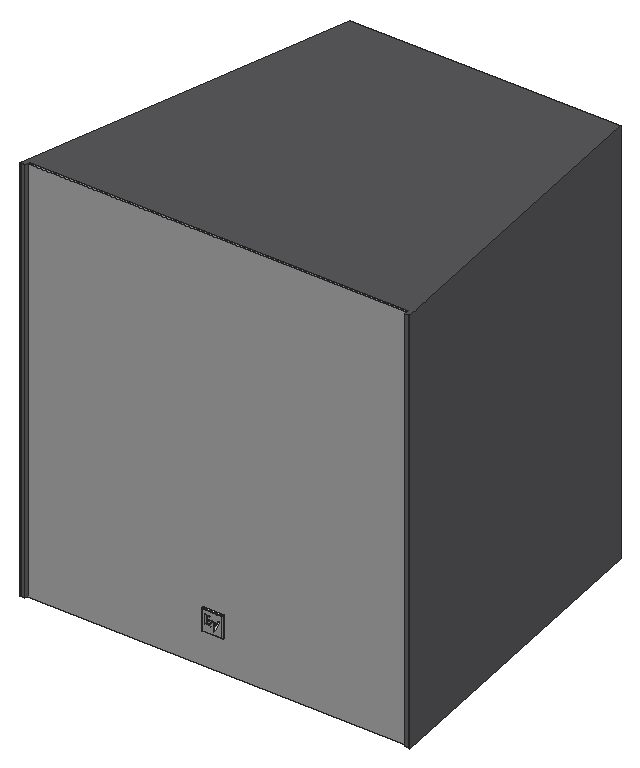
Revit family "EVH-1152S", category Communication Devices, Revit 2017 (continued)
Definition of nested family "InputPanel_H"
  Lines and regions (mm)
    model lines
      curve 877: line (-57.731, -4.337, 73.504) -> (-56.132, -4.337, 75.456)
      curve 878: line (-56.132, -4.337, 75.456) -> (-55.562, -4.337, 75.456)
      curve 879: line (-55.562, -4.337, 75.456) -> (-57.6, -4.337, 72.969)
      curve 880: line (-57.73, -4.337, 79.811) -> (-56.131, -4.337, 81.763)
      curve 881: line (-56.131, -4.337, 81.763) -> (-55.561, -4.337, 81.763)
      curve 882: line (-55.561, -4.337, 81.763) -> (-57.599, -4.337, 79.275)
      curve 883: line (-57.757, -4.337, 80.065) -> (-55.964, -4.337, 82.254)
      curve 884: line (-55.964, -4.337, 82.254) -> (-56.455, -4.337, 82.587)
      curve 885: line (-57.757, -4.337, 86.372) -> (-55.963, -4.337, 88.56)
      curve 886: line (-55.963, -4.337, 88.56) -> (-56.454, -4.337, 88.893)
      curve 887: line (-57.729, -4.337, 86.117) -> (-56.13, -4.337, 88.069)
      curve 888: line (-56.13, -4.337, 88.069) -> (-55.561, -4.337, 88.069)
      curve 889: line (-55.561, -4.337, 88.069) -> (-57.599, -4.337, 85.582)
      curve 890: line (-60.694, -4.337, 86.688) -> (-60.694, -4.337, 89.73)
      curve 891: line (-60.694, -4.337, 89.73) -> (-66.118, -4.337, 89.731)
      curve 892: line (-66.118, -4.337, 89.731) -> (-66.121, -4.337, 64.506)
      curve 893: line (-66.121, -4.337, 64.506) -> (-60.697, -4.337, 64.505)
      curve 894: line (-59.27, -4.337, 89.73) -> (-60.694, -4.337, 89.73)
      curve 895: line (-66.118, -4.337, 89.731) -> (-66.443, -4.337, 89.731)
      curve 896: line (-66.443, -4.337, 89.731) -> (-66.446, -4.337, 64.506)
      curve 897: line (-66.446, -4.337, 64.506) -> (-66.121, -4.337, 64.506)
      curve 898: line (-66.121, -4.337, 64.506) -> (-66.249, -4.337, 64.378)
      curve 899: line (-66.249, -4.337, 64.378) -> (-66.371, -4.337, 64.201)
      curve 900: line (-66.901, -4.337, 71.11) -> (-66.901, -4.337, 76.622)
      curve 901: line (-66.901, -4.337, 76.622) -> (-71.116, -4.337, 76.622)
      curve 902: line (-71.116, -4.337, 76.622) -> (-71.116, -4.337, 71.11)
      curve 903: line (-71.116, -4.337, 71.11) -> (-66.901, -4.337, 71.11)
      curve 904: line (-71.117, -4.337, 70.515) -> (-71.117, -4.337, 65.003)
      curve 905: line (-71.117, -4.337, 65.003) -> (-66.902, -4.337, 65.002)
      curve 906: line (-66.902, -4.337, 65.002) -> (-66.901, -4.337, 70.514)
      curve 907: line (-66.901, -4.337, 70.514) -> (-71.117, -4.337, 70.515)
      curve 908: line (-66.446, -4.337, 64.506) -> (-71.573, -4.337, 64.506)
      curve 909: line (-71.573, -4.337, 64.506) -> (-71.57, -4.337, 89.731)
      curve 910: line (-71.57, -4.337, 89.731) -> (-66.443, -4.337, 89.731)
      curve 911: line (-66.9, -4.337, 83.723) -> (-66.899, -4.337, 89.234)
      curve 912: line (-66.899, -4.337, 89.234) -> (-71.114, -4.337, 89.235)
      curve 913: line (-71.114, -4.337, 89.235) -> (-71.115, -4.337, 83.723)
      curve 914: line (-71.115, -4.337, 83.723) -> (-66.9, -4.337, 83.723)
      curve 915: line (-71.115, -4.337, 83.127) -> (-71.116, -4.337, 77.615)
      curve 916: line (-71.116, -4.337, 77.615) -> (-66.9, -4.337, 77.615)
      curve 917: line (-66.9, -4.337, 77.615) -> (-66.9, -4.337, 83.127)
      curve 918: line (-66.9, -4.337, 83.127) -> (-71.115, -4.337, 83.127)
      curve 919: line (-66.9, -4.337, 84.889) -> (-68.308, -4.337, 84.89)
      curve 920: line (-68.308, -4.337, 84.89) -> (-68.633, -4.337, 84.202)
      curve 921: line (-68.633, -4.337, 84.202) -> (-69.019, -4.337, 83.723)
      curve 922: line (-66.901, -4.337, 72.277) -> (-68.31, -4.337, 72.277)
      curve 923: line (-68.31, -4.337, 72.277) -> (-68.635, -4.337, 71.589)
      curve 924: line (-68.635, -4.337, 71.589) -> (-69.02, -4.337, 71.11)
      curve 925: line (-66.9, -4.337, 81.96) -> (-68.308, -4.337, 81.96)
      curve 926: line (-68.308, -4.337, 81.96) -> (-68.634, -4.337, 82.648)
      curve 927: line (-68.634, -4.337, 82.648) -> (-69.019, -4.337, 83.127)
      curve 928: line (-66.901, -4.337, 69.347) -> (-68.31, -4.337, 69.347)
      curve 929: line (-68.31, -4.337, 69.347) -> (-68.635, -4.337, 70.035)
      curve 930: line (-68.635, -4.337, 70.035) -> (-69.02, -4.337, 70.514)
      curve 931: line (-66.902, -4.337, 65.971) -> (-68.31, -4.337, 65.971)
      curve 932: line (-68.31, -4.337, 65.971) -> (-68.636, -4.337, 65.283)
      curve 933: line (-68.636, -4.337, 65.283) -> (-68.861, -4.337, 65.002)
      curve 934: line (-66.9, -4.337, 78.583) -> (-68.309, -4.337, 78.583)
      curve 935: line (-68.309, -4.337, 78.583) -> (-68.634, -4.337, 77.895)
      curve 936: line (-68.634, -4.337, 77.895) -> (-68.86, -4.337, 77.615)
      curve 937: line (-66.901, -4.337, 75.653) -> (-68.309, -4.337, 75.654)
      curve 938: line (-68.309, -4.337, 75.654) -> (-68.634, -4.337, 76.342)
      curve 939: line (-68.86, -4.337, 76.622) -> (-68.634, -4.337, 76.342)
      curve 940: line (-68.634, -4.337, 76.342) -> (-68.635, -4.337, 71.589)
      curve 941: line (-66.899, -4.337, 88.266) -> (-68.308, -4.337, 88.266)
      curve 942: line (-68.308, -4.337, 88.266) -> (-68.633, -4.337, 88.954)
      curve 943: line (-68.633, -4.337, 88.954) -> (-68.633, -4.337, 84.202)
      curve 944: line (-68.858, -4.337, 89.235) -> (-68.633, -4.337, 88.954)
      curve 945: line (-68.31, -4.337, 69.347) -> (-68.31, -4.337, 65.971)
      curve 946: line (-68.308, -4.337, 81.96) -> (-68.309, -4.337, 78.583)
      curve 947: line (-68.31, -4.337, 72.277) -> (-68.309, -4.337, 75.654)
      curve 948: line (-68.308, -4.337, 84.89) -> (-68.308, -4.337, 88.266)
      curve 949: line (-66.371, -4.337, 63.94) -> (-69.504, -4.337, 63.94)
      curve 950: line (-69.504, -4.337, 63.94) -> (-69.504, -4.337, 64.201)
      curve 951: line (-69.504, -4.337, 64.201) -> (-66.371, -4.337, 64.201)
      curve 952: line (-66.371, -4.337, 64.201) -> (-66.371, -4.337, 63.94)
      curve 953: line (-66.371, -4.337, 63.94) -> (-65.791, -4.337, 63.939)
      curve 954: line (-65.791, -4.337, 63.939) -> (-65.79, -4.337, 64.201)
      curve 955: line (-65.79, -4.337, 64.201) -> (-65.912, -4.337, 64.506)
      curve 956: line (-66.249, -4.337, 64.378) -> (-69.382, -4.337, 64.378)
      curve 957: line (-69.382, -4.337, 64.378) -> (-69.504, -4.337, 64.201)
      curve 958: line (-70.018, -4.337, 70.514) -> (-70.019, -4.337, 65.003)
      curve 959: line (-70.017, -4.337, 83.127) -> (-70.017, -4.337, 77.615)
      curve 960: line (-70.018, -4.337, 76.622) -> (-70.018, -4.337, 71.11)
      curve 961: line (-70.016, -4.337, 89.235) -> (-70.017, -4.337, 83.723)
      curve 962: line (-68.635, -4.337, 70.035) -> (-68.636, -4.337, 65.283)
      curve 963: line (-68.634, -4.337, 82.648) -> (-68.634, -4.337, 77.895)
      curve 964: line (-59.375, -4.337, 64.2) -> (-59.375, -4.337, 63.939)
      curve 965: line (-59.375, -4.337, 63.939) -> (-58.794, -4.337, 63.939)
      curve 966: line (-58.794, -4.337, 63.939) -> (-58.794, -4.337, 64.2)
      curve 967: line (-58.794, -4.337, 64.2) -> (-58.916, -4.337, 64.377)
      curve 968: line (-59.375, -4.337, 63.939) -> (-62.508, -4.337, 63.939)
      curve 969: line (-62.508, -4.337, 63.939) -> (-62.508, -4.337, 64.2)
      curve 970: line (-48.283, -4.337, 80.269) -> (-48.444, -4.337, 79.281)
      curve 971: line (-48.444, -4.337, 79.281) -> (-48.903, -4.337, 78.443)
      curve 972: line (-48.903, -4.337, 78.443) -> (-49.589, -4.337, 77.884)
      curve 973: line (-49.589, -4.337, 77.884) -> (-50.399, -4.337, 77.687)
      curve 974: line (-50.399, -4.337, 77.687) -> (-51.208, -4.337, 77.884)
      curve 975: line (-51.208, -4.337, 77.884) -> (-51.894, -4.337, 78.444)
      curve 976: line (-51.894, -4.337, 78.444) -> (-52.353, -4.337, 79.282)
      curve 977: line (-52.353, -4.337, 79.282) -> (-52.513, -4.337, 80.27)
      curve 978: line (-52.513, -4.337, 80.27) -> (-52.352, -4.337, 81.258)
      curve 979: line (-52.352, -4.337, 81.258) -> (-51.894, -4.337, 82.095)
      curve 980: line (-51.894, -4.337, 82.095) -> (-51.207, -4.337, 82.655)
      curve 981: line (-51.207, -4.337, 82.655) -> (-50.398, -4.337, 82.852)
      curve 982: line (-50.398, -4.337, 82.852) -> (-49.589, -4.337, 82.655)
      curve 983: line (-49.589, -4.337, 82.655) -> (-48.902, -4.337, 82.095)
      curve 984: line (-48.902, -4.337, 82.095) -> (-48.448, -4.337, 81.264)
      curve 985: line (-48.444, -4.337, 81.257) -> (-48.16, -4.337, 80.269)
      curve 986: line (-48.16, -4.337, 80.269) -> (-47.468, -4.337, 80.269)
      curve 987: line (-47.468, -4.337, 80.269) -> (-45.35, -4.337, 80.269)
      curve 988: line (-45.35, -4.337, 80.269) -> (-45.351, -4.337, 86.494)
      curve 989: line (-48.285, -4.337, 67.657) -> (-48.446, -4.337, 66.668)
      curve 990: line (-48.446, -4.337, 66.668) -> (-48.904, -4.337, 65.831)
      curve 991: line (-48.904, -4.337, 65.831) -> (-49.591, -4.337, 65.271)
      curve 992: line (-49.591, -4.337, 65.271) -> (-50.4, -4.337, 65.075)
      curve 993: line (-50.4, -4.337, 65.075) -> (-51.21, -4.337, 65.271)
      curve 994: line (-51.21, -4.337, 65.271) -> (-51.896, -4.337, 65.831)
      curve 995: line (-51.896, -4.337, 65.831) -> (-52.354, -4.337, 66.669)
      curve 996: line (-52.354, -4.337, 66.669) -> (-52.515, -4.337, 67.657)
      curve 997: line (-52.515, -4.337, 67.657) -> (-52.354, -4.337, 68.645)
      curve 998: line (-52.354, -4.337, 68.645) -> (-51.895, -4.337, 69.483)
      curve 999: line (-51.895, -4.337, 69.483) -> (-51.209, -4.337, 70.042)
      curve 1000: line (-51.209, -4.337, 70.042) -> (-50.4, -4.337, 70.239)
      curve 1001: line (-50.4, -4.337, 70.239) -> (-49.59, -4.337, 70.042)
      curve 1002: line (-49.59, -4.337, 70.042) -> (-48.904, -4.337, 69.482)
      curve 1003: line (-48.904, -4.337, 69.482) -> (-48.449, -4.337, 68.652)
      curve 1004: line (-48.446, -4.337, 68.645) -> (-48.161, -4.337, 67.657)
      curve 1005: line (-48.161, -4.337, 67.657) -> (-47.47, -4.337, 67.656)
      curve 1006: line (-47.47, -4.337, 67.656) -> (-45.352, -4.337, 67.656)
      curve 1007: line (-45.352, -4.337, 67.656) -> (-45.353, -4.337, 73.881)
      curve 1008: line (-48.282, -4.337, 86.575) -> (-48.444, -4.337, 85.587)
      curve 1009: line (-48.444, -4.337, 85.587) -> (-48.902, -4.337, 84.75)
      curve 1010: line (-48.902, -4.337, 84.75) -> (-49.588, -4.337, 84.19)
      curve 1011: line (-49.588, -4.337, 84.19) -> (-50.398, -4.337, 83.994)
      curve 1012: line (-50.398, -4.337, 83.994) -> (-51.207, -4.337, 84.19)
      curve 1013: line (-51.207, -4.337, 84.19) -> (-51.893, -4.337, 84.75)
      curve 1014: line (-51.893, -4.337, 84.75) -> (-52.352, -4.337, 85.588)
      curve 1015: line (-52.352, -4.337, 85.588) -> (-52.513, -4.337, 86.576)
      curve 1016: line (-52.513, -4.337, 86.576) -> (-52.352, -4.337, 87.564)
      curve 1017: line (-52.352, -4.337, 87.564) -> (-51.893, -4.337, 88.402)
      curve 1018: line (-51.893, -4.337, 88.402) -> (-51.207, -4.337, 88.961)
      curve 1019: line (-51.207, -4.337, 88.961) -> (-50.397, -4.337, 89.158)
      curve 1020: line (-50.397, -4.337, 89.158) -> (-49.588, -4.337, 88.961)
      curve 1021: line (-49.588, -4.337, 88.961) -> (-48.902, -4.337, 88.401)
      curve 1022: line (-48.902, -4.337, 88.401) -> (-48.447, -4.337, 87.57)
      curve 1023: line (-48.443, -4.337, 87.564) -> (-48.16, -4.337, 86.575)
      curve 1024: line (-48.16, -4.337, 86.575) -> (-47.468, -4.337, 86.575)
      curve 1025: line (-47.468, -4.337, 86.575) -> (-45.35, -4.337, 86.575)
      curve 1026: line (-45.35, -4.337, 86.575) -> (-45.351, -4.337, 89.728)
      curve 1027: line (-48.284, -4.337, 73.963) -> (-48.445, -4.337, 72.975)
      curve 1028: line (-48.445, -4.337, 72.975) -> (-48.904, -4.337, 72.137)
      curve 1029: line (-48.904, -4.337, 72.137) -> (-49.59, -4.337, 71.577)
      curve 1030: line (-49.59, -4.337, 71.577) -> (-50.399, -4.337, 71.381)
      curve 1031: line (-50.399, -4.337, 71.381) -> (-51.209, -4.337, 71.578)
      curve 1032: line (-51.209, -4.337, 71.578) -> (-51.895, -4.337, 72.137)
      curve 1033: line (-51.895, -4.337, 72.137) -> (-52.353, -4.337, 72.975)
      curve 1034: line (-52.353, -4.337, 72.975) -> (-52.514, -4.337, 73.963)
      curve 1035: line (-52.514, -4.337, 73.963) -> (-52.353, -4.337, 74.951)
      curve 1036: line (-52.353, -4.337, 74.951) -> (-51.894, -4.337, 75.789)
      curve 1037: line (-51.894, -4.337, 75.789) -> (-51.208, -4.337, 76.349)
      curve 1038: line (-51.208, -4.337, 76.349) -> (-50.399, -4.337, 76.545)
      curve 1039: line (-50.399, -4.337, 76.545) -> (-49.589, -4.337, 76.349)
      curve 1040: line (-49.589, -4.337, 76.349) -> (-48.903, -4.337, 75.789)
      curve 1041: line (-48.903, -4.337, 75.789) -> (-48.449, -4.337, 74.958)
      curve 1042: line (-48.445, -4.337, 74.951) -> (-48.161, -4.337, 73.963)
      curve 1043: line (-48.161, -4.337, 73.963) -> (-47.47, -4.337, 73.963)
      curve 1044: line (-47.47, -4.337, 73.963) -> (-45.352, -4.337, 73.962)
      curve 1045: line (-45.352, -4.337, 73.962) -> (-45.352, -4.337, 80.158)
      curve 1046: line (-51.214, -4.337, 64.504) -> (-51.426, -4.337, 64.504)
      curve 1047: line (-51.426, -4.337, 64.504) -> (-51.425, -4.337, 64.847)
      curve 1048: line (-51.347, -4.337, 64.985) -> (-51.214, -4.337, 65.111)
      curve 1049: line (-51.214, -4.337, 65.111) -> (-51.214, -4.337, 64.504)
      curve 1050: line (-51.214, -4.337, 64.504) -> (-49.587, -4.337, 64.504)
      curve 1051: line (-49.587, -4.337, 64.504) -> (-49.587, -4.337, 65.111)
      curve 1052: line (-49.586, -4.337, 71.418) -> (-49.586, -4.337, 70.203)
      curve 1053: line (-49.585, -4.337, 77.723) -> (-49.585, -4.337, 76.508)
      curve 1054: line (-49.584, -4.337, 84.03) -> (-49.584, -4.337, 82.815)
      curve 1055: line (-51.211, -4.337, 89.729) -> (-51.422, -4.337, 89.729)
      curve 1056: line (-51.422, -4.337, 89.729) -> (-51.422, -4.337, 89.363)
      curve 1057: line (-51.344, -4.337, 89.247) -> (-51.211, -4.337, 89.121)
      curve 1058: line (-51.211, -4.337, 89.121) -> (-51.211, -4.337, 89.729)
      curve 1059: line (-51.211, -4.337, 89.729) -> (-49.584, -4.337, 89.729)
      curve 1060: line (-49.584, -4.337, 89.729) -> (-49.584, -4.337, 89.121)
      curve 1061: line (-51.423, -4.337, 83.767) -> (-51.42, -4.337, 83.089)
      curve 1062: line (-51.345, -4.337, 82.942) -> (-51.212, -4.337, 82.816)
      curve 1063: line (-51.212, -4.337, 82.816) -> (-51.211, -4.337, 84.031)
      curve 1064: line (-51.211, -4.337, 84.031) -> (-51.345, -4.337, 83.904)
      curve 1065: line (-51.212, -4.337, 77.723) -> (-51.212, -4.337, 76.508)
      curve 1066: line (-51.212, -4.337, 76.508) -> (-51.345, -4.337, 76.635)
      curve 1067: line (-51.424, -4.337, 76.75) -> (-51.424, -4.337, 77.46)
      curve 1068: line (-51.345, -4.337, 77.597) -> (-51.212, -4.337, 77.723)
      curve 1069: line (-51.425, -4.337, 71.154) -> (-51.421, -4.337, 70.476)
      curve 1070: line (-51.346, -4.337, 70.329) -> (-51.213, -4.337, 70.203)
      curve 1071: line (-51.213, -4.337, 70.203) -> (-51.213, -4.337, 71.418)
      curve 1072: line (-51.213, -4.337, 71.418) -> (-51.346, -4.337, 71.292)
      curve 1073: line (-46.776, -4.337, 76.827) -> (-48.894, -4.337, 76.827)
      curve 1074: line (-48.894, -4.337, 76.827) -> (-48.894, -4.337, 77.404)
      curve 1075: line (-48.894, -4.337, 77.404) -> (-46.776, -4.337, 77.404)
      curve 1076: line (-46.776, -4.337, 77.404) -> (-46.776, -4.337, 76.827)
      curve 1077: line (-46.775, -4.337, 83.134) -> (-46.775, -4.337, 83.711)
      curve 1078: line (-46.775, -4.337, 83.711) -> (-48.893, -4.337, 83.711)
      curve 1079: line (-48.893, -4.337, 83.711) -> (-48.893, -4.337, 83.135)
      curve 1080: line (-48.893, -4.337, 83.135) -> (-46.775, -4.337, 83.134)
      curve 1081: line (-46.777, -4.337, 70.522) -> (-46.777, -4.337, 71.098)
      curve 1082: line (-46.777, -4.337, 71.098) -> (-48.894, -4.337, 71.098)
      curve 1083: line (-48.894, -4.337, 71.098) -> (-48.894, -4.337, 70.522)
      curve 1084: line (-48.894, -4.337, 70.522) -> (-46.777, -4.337, 70.522)
      curve 1085: line (-48.892, -4.337, 89.729) -> (-46.775, -4.337, 89.728)
      curve 1086: line (-46.775, -4.337, 89.728) -> (-46.775, -4.337, 89.44)
      curve 1087: line (-46.775, -4.337, 89.44) -> (-48.892, -4.337, 89.44)
      curve 1088: line (-48.892, -4.337, 89.44) -> (-48.892, -4.337, 89.729)
      curve 1089: line (-48.892, -4.337, 89.729) -> (-49.584, -4.337, 89.729)
      curve 1090: line (-49.587, -4.337, 64.504) -> (-48.895, -4.337, 64.503)
      curve 1091: line (-48.895, -4.337, 64.503) -> (-48.895, -4.337, 64.791)
      curve 1092: line (-48.895, -4.337, 64.791) -> (-46.778, -4.337, 64.791)
      curve 1093: line (-46.778, -4.337, 64.791) -> (-46.778, -4.337, 64.503)
      curve 1094: line (-46.778, -4.337, 64.503) -> (-48.895, -4.337, 64.503)
      curve 1095: line (-48.29, -4.337, 80.474) -> (-50.083, -4.337, 78.285)
      curve 1096: line (-50.083, -4.337, 78.285) -> (-49.592, -4.337, 77.953)
      curve 1097: line (-48.289, -4.337, 86.78) -> (-50.082, -4.337, 84.592)
      curve 1098: line (-50.082, -4.337, 84.592) -> (-49.591, -4.337, 84.259)
      curve 1099: line (-48.317, -4.337, 80.729) -> (-49.916, -4.337, 78.777)
      curve 1100: line (-49.916, -4.337, 78.777) -> (-50.486, -4.337, 78.777)
      curve 1101: line (-50.486, -4.337, 78.777) -> (-48.448, -4.337, 81.264)
      curve 1102: line (-48.316, -4.337, 87.035) -> (-49.915, -4.337, 85.083)
      curve 1103: line (-49.915, -4.337, 85.083) -> (-50.485, -4.337, 85.083)
      curve 1104: line (-50.485, -4.337, 85.083) -> (-48.447, -4.337, 87.57)
      curve 1105: line (-48.291, -4.337, 74.168) -> (-50.084, -4.337, 71.979)
      curve 1106: line (-50.084, -4.337, 71.979) -> (-49.593, -4.337, 71.646)
      curve 1107: line (-48.291, -4.337, 67.861) -> (-50.085, -4.337, 65.673)
      curve 1108: line (-50.085, -4.337, 65.673) -> (-49.594, -4.337, 65.34)
      curve 1109: line (-48.318, -4.337, 68.116) -> (-49.918, -4.337, 66.164)
      curve 1110: line (-49.918, -4.337, 66.164) -> (-50.487, -4.337, 66.164)
      curve 1111: line (-50.487, -4.337, 66.164) -> (-48.449, -4.337, 68.652)
      curve 1112: line (-48.318, -4.337, 74.422) -> (-49.917, -4.337, 72.471)
      curve 1113: line (-49.917, -4.337, 72.471) -> (-50.487, -4.337, 72.471)
      curve 1114: line (-50.487, -4.337, 72.471) -> (-48.449, -4.337, 74.958)
      curve 1115: line (-45.354, -4.337, 67.546) -> (-45.354, -4.337, 64.503)
      curve 1116: line (-45.354, -4.337, 64.503) -> (-39.93, -4.337, 64.502)
      curve 1117: line (-39.93, -4.337, 64.502) -> (-39.927, -4.337, 89.728)
      curve 1118: line (-39.927, -4.337, 89.728) -> (-45.351, -4.337, 89.728)
      curve 1119: line (-45.351, -4.337, 89.728) -> (-46.775, -4.337, 89.728)
      curve 1120: line (-46.775, -4.337, 89.728) -> (-43.662, -4.337, 89.856)
      curve 1121: line (-43.662, -4.337, 89.856) -> (-43.54, -4.337, 90.033)
      curve 1122: line (-46.778, -4.337, 64.503) -> (-45.354, -4.337, 64.503)
      curve 1123: line (-39.147, -4.337, 83.123) -> (-39.147, -4.337, 77.611)
      curve 1124: line (-39.147, -4.337, 77.611) -> (-34.932, -4.337, 77.611)
      curve 1125: line (-34.932, -4.337, 77.611) -> (-34.931, -4.337, 83.123)
      curve 1126: line (-34.931, -4.337, 83.123) -> (-39.147, -4.337, 83.123)
      curve 1127: line (-34.931, -4.337, 83.719) -> (-34.931, -4.337, 89.23)
      curve 1128: line (-34.931, -4.337, 89.23) -> (-39.146, -4.337, 89.231)
      curve 1129: line (-39.146, -4.337, 89.231) -> (-39.147, -4.337, 83.719)
      curve 1130: line (-39.147, -4.337, 83.719) -> (-34.931, -4.337, 83.719)
      curve 1131: line (-39.605, -4.337, 64.502) -> (-39.602, -4.337, 89.728)
      curve 1132: line (-39.602, -4.337, 89.728) -> (-34.475, -4.337, 89.727)
      curve 1133: line (-34.475, -4.337, 89.727) -> (-34.478, -4.337, 64.502)
      curve 1134: line (-34.478, -4.337, 64.502) -> (-39.605, -4.337, 64.502)
      curve 1135: line (-39.605, -4.337, 64.502) -> (-39.93, -4.337, 64.502)
      curve 1136: line (-39.148, -4.337, 70.511) -> (-39.149, -4.337, 64.999)
      curve 1137: line (-39.149, -4.337, 64.999) -> (-34.934, -4.337, 64.998)
      curve 1138: line (-34.934, -4.337, 64.998) -> (-34.933, -4.337, 70.51)
      curve 1139: line (-34.933, -4.337, 70.51) -> (-39.148, -4.337, 70.511)
      curve 1140: line (-34.933, -4.337, 71.106) -> (-34.932, -4.337, 76.618)
      curve 1141: line (-34.932, -4.337, 76.618) -> (-39.147, -4.337, 76.618)
      curve 1142: line (-39.147, -4.337, 76.618) -> (-39.148, -4.337, 71.107)
      curve 1143: line (-39.148, -4.337, 71.107) -> (-34.933, -4.337, 71.106)
      curve 1144: line (-39.602, -4.337, 89.728) -> (-39.927, -4.337, 89.728)
      curve 1145: line (-39.927, -4.337, 89.728) -> (-36.666, -4.337, 89.855)
      curve 1146: line (-36.666, -4.337, 89.855) -> (-36.544, -4.337, 90.032)
      curve 1147: line (-36.544, -4.337, 90.032) -> (-39.677, -4.337, 90.032)
      curve 1148: line (-39.677, -4.337, 90.032) -> (-39.799, -4.337, 89.855)
      curve 1149: line (-39.147, -4.337, 81.956) -> (-37.738, -4.337, 81.956)
      curve 1150: line (-37.738, -4.337, 81.956) -> (-37.413, -4.337, 82.644)
      curve 1151: line (-37.413, -4.337, 82.644) -> (-37.028, -4.337, 83.123)
      curve 1152: line (-39.148, -4.337, 69.344) -> (-37.74, -4.337, 69.344)
      curve 1153: line (-37.74, -4.337, 69.344) -> (-37.414, -4.337, 70.032)
      curve 1154: line (-37.414, -4.337, 70.032) -> (-37.029, -4.337, 70.51)
      curve 1155: line (-39.148, -4.337, 72.273) -> (-37.74, -4.337, 72.273)
      curve 1156: line (-37.74, -4.337, 72.273) -> (-37.414, -4.337, 71.585)
      curve 1157: line (-37.414, -4.337, 71.585) -> (-37.029, -4.337, 71.106)
      curve 1158: line (-39.146, -4.337, 84.886) -> (-37.738, -4.337, 84.886)
      curve 1159: line (-37.738, -4.337, 84.886) -> (-37.413, -4.337, 84.198)
      curve 1160: line (-37.413, -4.337, 84.198) -> (-37.028, -4.337, 83.719)
      curve 1161: line (-39.148, -4.337, 75.65) -> (-37.739, -4.337, 75.65)
      curve 1162: line (-37.739, -4.337, 75.65) -> (-37.414, -4.337, 76.338)
      curve 1163: line (-37.414, -4.337, 76.338) -> (-37.188, -4.337, 76.618)
      curve 1164: line (-39.146, -4.337, 88.263) -> (-37.738, -4.337, 88.262)
      curve 1165: line (-37.738, -4.337, 88.262) -> (-37.412, -4.337, 88.95)
      curve 1166: line (-37.412, -4.337, 88.95) -> (-37.187, -4.337, 89.231)
      curve 1167: line (-39.147, -4.337, 78.58) -> (-37.739, -4.337, 78.58)
      curve 1168: line (-37.739, -4.337, 78.58) -> (-37.413, -4.337, 77.891)
      curve 1169: line (-37.188, -4.337, 77.611) -> (-37.413, -4.337, 77.891)
      curve 1170: line (-37.413, -4.337, 77.891) -> (-37.413, -4.337, 82.644)
      curve 1171: line (-39.149, -4.337, 65.967) -> (-37.74, -4.337, 65.967)
      curve 1172: line (-37.74, -4.337, 65.967) -> (-37.415, -4.337, 65.279)
      curve 1173: line (-37.415, -4.337, 65.279) -> (-37.414, -4.337, 70.032)
      curve 1174: line (-37.19, -4.337, 64.999) -> (-37.415, -4.337, 65.279)
      curve 1175: line (-37.74, -4.337, 72.273) -> (-37.739, -4.337, 75.65)
      curve 1176: line (-37.738, -4.337, 84.886) -> (-37.738, -4.337, 88.262)
      curve 1177: line (-37.74, -4.337, 69.344) -> (-37.74, -4.337, 65.967)
      curve 1178: line (-37.738, -4.337, 81.956) -> (-37.739, -4.337, 78.58)
      curve 1179: line (-39.677, -4.337, 90.032) -> (-39.677, -4.337, 90.294)
      curve 1180: line (-39.677, -4.337, 90.294) -> (-36.544, -4.337, 90.293)
      curve 1181: line (-36.544, -4.337, 90.293) -> (-36.544, -4.337, 90.032)
      curve 1182: line (-39.677, -4.337, 90.294) -> (-40.257, -4.337, 90.294)
      curve 1183: line (-40.257, -4.337, 90.294) -> (-40.257, -4.337, 90.033)
      curve 1184: line (-40.257, -4.337, 90.033) -> (-40.135, -4.337, 89.855)
      curve 1185: line (-36.03, -4.337, 83.719) -> (-36.029, -4.337, 89.231)
      curve 1186: line (-36.031, -4.337, 71.106) -> (-36.03, -4.337, 76.618)
      curve 1187: line (-36.032, -4.337, 64.998) -> (-36.031, -4.337, 70.51)
      curve 1188: line (-36.03, -4.337, 77.611) -> (-36.03, -4.337, 83.123)
      curve 1189: line (-37.414, -4.337, 71.585) -> (-37.414, -4.337, 76.338)
      curve 1190: line (-37.413, -4.337, 84.198) -> (-37.412, -4.337, 88.95)
      curve 1191: line (-46.673, -4.337, 90.033) -> (-46.795, -4.337, 89.856)
      curve 1192: line (-46.673, -4.337, 90.294) -> (-46.673, -4.337, 90.033)
      curve 1193: line (-46.673, -4.337, 90.033) -> (-43.54, -4.337, 90.033)
      curve 1194: line (-43.54, -4.337, 90.033) -> (-43.54, -4.337, 90.294)
      curve 1195: line (-43.54, -4.337, 90.294) -> (-46.673, -4.337, 90.294)
      curve 1196: line (-46.673, -4.337, 90.294) -> (-47.254, -4.337, 90.295)
      curve 1197: line (-47.254, -4.337, 90.295) -> (-47.254, -4.337, 90.033)
      curve 1198: line (-47.254, -4.337, 90.033) -> (-47.132, -4.337, 89.856)
      curve 1199: line (-72.756, -4.337, 64.703) -> (-72.753, -4.337, 89.535)
      curve 1200: line (-72.698, -4.337, 89.48) -> (-72.701, -4.337, 64.758)
      curve 1201: line (-71.744, -4.337, 90.543) -> (-34.3, -4.337, 90.539)
      curve 1202: line (-34.355, -4.337, 90.484) -> (-71.689, -4.337, 90.488)
      curve 1203: line (-33.291, -4.337, 89.53) -> (-33.295, -4.337, 64.699)
      curve 1204: line (-33.295, -4.337, 64.701) -> (-33.347, -4.337, 89.475)
      curve 1205: line (-34.303, -4.337, 63.69) -> (-71.747, -4.337, 63.694)
      curve 1206: line (-71.692, -4.337, 63.749) -> (-34.359, -4.337, 63.745)
      curve 1207: line (-55.154, -4.337, 73.964) -> (-53.534, -4.337, 73.963)
      curve 1208: line (-53.534, -4.337, 73.963) -> (-53.201, -4.337, 73.963)
      curve 1209: line (-55.155, -4.337, 67.657) -> (-53.535, -4.337, 67.657)
      curve 1210: line (-53.535, -4.337, 67.657) -> (-53.202, -4.337, 67.657)
      curve 1211: line (-55.153, -4.337, 80.27) -> (-53.534, -4.337, 80.27)
      curve 1212: line (-53.534, -4.337, 80.27) -> (-53.201, -4.337, 80.27)
      curve 1213: line (-55.152, -4.337, 86.576) -> (-53.533, -4.337, 86.576)
      curve 1214: line (-53.533, -4.337, 86.576) -> (-53.199, -4.337, 86.576)
      curve 1215: line (-50.894, -4.337, 80.269) -> (-52.513, -4.337, 80.27)
      curve 1216: line (-52.513, -4.337, 80.27) -> (-52.847, -4.337, 80.27)
      curve 1217: line (-50.893, -4.337, 86.576) -> (-52.513, -4.337, 86.576)
      curve 1218: line (-52.513, -4.337, 86.576) -> (-52.846, -4.337, 86.576)
      curve 1219: line (-50.895, -4.337, 73.963) -> (-52.514, -4.337, 73.963)
      curve 1220: line (-52.514, -4.337, 73.963) -> (-52.847, -4.337, 73.963)
      curve 1221: line (-50.896, -4.337, 67.657) -> (-52.515, -4.337, 67.657)
      curve 1222: line (-52.515, -4.337, 67.657) -> (-52.849, -4.337, 67.657)
Definition of nested family "L-EV"
  Parameters (values of type "L-EV")
    Material = ""
    Default Elevation = 1219.20 mm
  Reference planes
    plane 1 "Center (Front/Back)": y = 0
    plane 2: z = 0
    plane 3 "Center (Left/Right)": x = 0
  Forms (mm)
    Extrusion 1, solid, not visible
      sketch origin (18.736, -0.5, -73.012) x (1, 0, 0) y (0, 0, 1)
        loop
          arc (-38.866, 94.012) -> (-39.481, 93.758) -> (-39.736, 93.143) r 0.869
          line (-39.736, 93.143) -> (-39.736, 52.882)
          arc (-39.736, 52.882) -> (-39.481, 52.267) -> (-38.866, 52.012) r 0.869
          line (-38.866, 52.012) -> (1.395, 52.012)
          arc (1.395, 52.012) -> (2.01, 52.267) -> (2.264, 52.882) r 0.869
          line (2.264, 52.882) -> (2.264, 93.143)
          arc (2.264, 93.143) -> (2.01, 93.758) -> (1.395, 94.012) r 0.869
          line (1.395, 94.012) -> (-38.866, 94.012)
      from 0 to -0.5
    Extrusion 2, solid, detail levels fine
      sketch origin (18.736, 4, -73.24) x (1, 0, 0) y (0, 0, 1)
        loop
          line (-37.736, 92.24) -> (-37.736, 54.24) -> (0.264, 54.24) -> (0.264, 92.24) -> (-37.736, 92.24)
        loop
          line (-33.659, 85.319) -> (-33.659, 66.596) -> (-21.783, 66.596) -> (-21.783, 70.665) -> (-29.2, 70.665) -> (-29.2, 73.924) -> (-21.783, 73.924) -> (-21.783, 77.992) -> (-29.2, 77.992) -> (-29.2, 81.251) -> (-21.783, 81.251) -> (-21.783, 85.319) -> (-33.659, 85.319)
        loop
          line (-20.026, 77.992) -> (-20.026, 73.924) -> (-17.153, 73.924) -> (-17.153, 59.688) -> (-12.74, 59.688) -> (-2.619, 82.277) -> (-7.421, 82.277) -> (-12.694, 70.408) -> (-12.694, 77.992) -> (-20.026, 77.992)
      from 4.5 to 5
    Extrusion 3, solid, detail levels medium+fine
      sketch origin (0, 0, 0) x (1, 0, 0) y (0, 0, 1)
        loop
          line (19.816, 21) -> (-19.816, 21)
          arc (-19.816, 21) -> (-20.653, 20.653) -> (-21, 19.816) r 1.184
          line (-21, 19.816) -> (-21, -19.816)
          arc (-21, -19.816) -> (-20.653, -20.653) -> (-19.816, -21) r 1.184
          line (-19.816, -21) -> (19.816, -21)
          arc (19.816, -21) -> (20.653, -20.653) -> (21, -19.816) r 1.184
          line (21, -19.816) -> (21, 19.816)
          arc (21, 19.816) -> (20.653, 20.653) -> (19.816, 21) r 1.184
      from -1 to 0.5
Types (36, lengths in mm): name | ModelNumber | MaterialRALColour | LoudspeakerMaterial | GrillMaterial | CTN
  EVH1152D43BLB_Black_40X30_Coaxil_Hornload | "F.01U.272.790" | "RAL9004" | 13-plyWeather-resistantBirchEVCoat -RAL9004 | 16GA Powder-coatedGalvanneal - B | "EVH1152S43BLB"
  EVH1152S43-FBLB_Black_Fiberglass_40X30_Coax-HL | "F.01U.272.961" | "RAL9004" | 13-plyWeather-resistantBirchEVCoat -RAL9004 | 16GA Powder-coatedGalvanneal - B | "EVH1152S43-FBLB"
  EVH1152S43-FWLB_White_Fiberglass_40X30_Coax-HL | "F.01U.272.962" | "RAL9010" | 13-plyWeather-resistantBirchEVCoat -RAL9010 | 16GA Powder-coatedGalvanneal - W | "EVH1152S43-FWLB"
  EVH1152S43PBLB_Black_Weatherized_40X30_Coax-HL | "F.01U.272.792" | "RAL9004" | 13-plyWeather-resistantBirchEVCoat -RAL9004 | 16GA Powder-coatedGalvanneal - B | "EVH1152S43PBLB"
  EVH1152S43PWLB_White_Weatherized_40X30_Coax-HL | "F.01U.272.793" | "RAL9010" | 13-plyWeather-resistantBirchEVCoat -RAL9010 | 16GA Powder-coatedGalvanneal - W | "EVH1152S43PWLB"
  EVH1152S43WLB_White_40X30_Coaxil_Hornload | "F.01U.272.791" | "RAL9010" | 13-plyWeather-resistantBirchEVCoat -RAL9010 | 16GA Powder-coatedGalvanneal - W | "EVH1152S43WLB"
  EVH1152S64BLB_Black_60X40_Coaxil_Hornload | "F.01U.272.770" | "RAL9004" | 13-plyWeather-resistantBirchEVCoat -RAL9004 | 16GA Powder-coatedGalvanneal - B | "EVH1152S64BLB"
  EVH1152S64-FBLB_Black_Fiberglass_60X40_Coax-HL | "F.01U.272.963" | "RAL9004" | 13-plyWeather-resistantBirchEVCoat -RAL9004 | 16GA Powder-coatedGalvanneal - B | "EVH1152S64-FBLB"
  EVH1152S64-FWLB_White_Fiberglass_60X40_Coax-HL | "F.01U.272.964" | "RAL9010" | 13-plyWeather-resistantBirchEVCoat -RAL9010 | 16GA Powder-coatedGalvanneal - W | "EVH1152S64-FWLB"
  EVH1152S64PBLB_Black_Weatherized_60X40_Coax-HL | "F.01U.272.772" | "RAL9004" | 13-plyWeather-resistantBirchEVCoat -RAL9004 | 16GA Powder-coatedGalvanneal - B | "EVH1152S64PBLB"
  EVH1152S64PWLB_White_Weatherized_60X40_Coax-HL | "F.01U.272.773" | "RAL9010" | 13-plyWeather-resistantBirchEVCoat -RAL9010 | 16GA Powder-coatedGalvanneal - W | "EVH1152S64PWLB"
  EVH1152S64WLB_White_60X40_Coaxil_Hornload | "F.01U.272.771" | "RAL9010" | 13-plyWeather-resistantBirchEVCoat -RAL9010 | 16GA Powder-coatedGalvanneal - W | "EVH1152S64WLB"
  EVH1152S66BLB_Black_60X60_Coaxil_Hornload | "F.01U.272.774" | "RAL9004" | 13-plyWeather-resistantBirchEVCoat -RAL9004 | 16GA Powder-coatedGalvanneal - B | "EVH1152S66BLB"
  EVH1152S66-FBLB_Black_Fiberglass_60X60_Coax-Hl | "F.01U.272.965" | "RAL9004" | 13-plyWeather-resistantBirchEVCoat -RAL9004 | 16GA Powder-coatedGalvanneal - B | "EVH1152S66-FBLB"
  EVH1152S66-FWLB_White_Fiberglass_60X60_Coax-Hl | "F.01U.272.966" | "RAL9010" | 13-plyWeather-resistantBirchEVCoat -RAL9010 | 16GA Powder-coatedGalvanneal - W | "EVH1152S66-FWLB"
  EVH1152S66PBLB_Black_Weatherized_60X60_Coax-Hl | "F.01U.272.776" | "RAL9004" | 13-plyWeather-resistantBirchEVCoat -RAL9004 | 16GA Powder-coatedGalvanneal - B | "EVH1152S66PBLB"
  EVH1152S66PWLB_White_Weatherized_60X60_Coax-Hl | "F.01U.272.777" | "RAL9010" | 13-plyWeather-resistantBirchEVCoat -RAL9010 | 16GA Powder-coatedGalvanneal - W | "EVH1152S66PWLB"
  EVH1152S66WLB_White_60X60_Coaxil_Hornload | "F.01U.272.775" | "RAL9010" | 13-plyWeather-resistantBirchEVCoat -RAL9010 | 16GA Powder-coatedGalvanneal - W | "EVH1152S66WLB"
  EVH1152S94BLB_Black_90X40_Coaxil_Hornload | "F.01U.272.778" | "RAL9004" | 13-plyWeather-resistantBirchEVCoat -RAL9004 | 16GA Powder-coatedGalvanneal - B | "EVH1152S94BLB"
  EVH1152S94-FBLB_Black_Fiberglass_90X40_Coax-Hl | "F.01U.272.967" | "RAL9004" | 13-plyWeather-resistantBirchEVCoat -RAL9004 | 16GA Powder-coatedGalvanneal - B | "EVH1152S94-FBLB"
  EVH1152S94-FWLB_White_Fiberglass_90X40_Coax-Hl | "F.01U.272.968" | "RAL9010" | 13-plyWeather-resistantBirchEVCoat -RAL9010 | 16GA Powder-coatedGalvanneal - W | "EVH1152S94-FWLB"
  EVH1152S94PBLB_Black_Weatherized_90X40_Coax-Hl | "F.01U.272.780" | "RAL9004" | 13-plyWeather-resistantBirchEVCoat -RAL9004 | 16GA Powder-coatedGalvanneal - B | "EVH1152S94PBLB"
  EVH1152S94PWLB_White_Weatherized_90X40_Coax-Hl | "F.01U.272.781" | "RAL9010" | 13-plyWeather-resistantBirchEVCoat -RAL9010 | 16GA Powder-coatedGalvanneal - W | "EVH1152S94PWLB"
  EVH1152S94WLB_White_90X40_Coaxil_Hornload | "F.01U.272.779" | "RAL9010" | 13-plyWeather-resistantBirchEVCoat -RAL9010 | 16GA Powder-coatedGalvanneal - W | "EVH1152S94WLB"
  EVH1152S96BLB_Black_90X60_Coaxil_Hornload | "F.01U.272.782" | "RAL9004" | 13-plyWeather-resistantBirchEVCoat -RAL9004 | 16GA Powder-coatedGalvanneal - B | "EVH1152S96BLB"
  EVH1152S96-FBLB_Black_Fiberglass_90X60_Coax-Hl | "F.01U.272.969" | "RAL9004" | 13-plyWeather-resistantBirchEVCoat -RAL9004 | 16GA Powder-coatedGalvanneal - B | "EVH1152S96-FBLB"
  EVH1152S96-FWLB_White_Fiberglass_90X60_Coax-Hl | "F.01U.272.970" | "RAL9010" | 13-plyWeather-resistantBirchEVCoat -RAL9010 | 16GA Powder-coatedGalvanneal - W | "EVH1152S96-FWLB"
  EVH1152S96PBLB_Black_Weatherized_90X60_Coax-Hl | "F.01U.272.784" | "RAL9004" | 13-plyWeather-resistantBirchEVCoat -RAL9004 | 16GA Powder-coatedGalvanneal - B | "EVH1152S96PBLB"
  EVH1152S96PWLB_White_Weatherized_90X60_Coax-Hl | "F.01U.272.785" | "RAL9010" | 13-plyWeather-resistantBirchEVCoat -RAL9010 | 16GA Powder-coatedGalvanneal - W | "EVH1152S96PWLB"
  EVH1152S96WLB_White_90X60_Coaxil_Hornload | "F.01U.272.783" | "RAL9010" | 13-plyWeather-resistantBirchEVCoat -RAL9010 | 16GA Powder-coatedGalvanneal - W | "EVH1152S96WLB"
  EVH1152S99BLB_Black_90X90_Coaxil_Hornload | "F.01U.272.786" | "RAL9004" | 13-plyWeather-resistantBirchEVCoat -RAL9004 | 16GA Powder-coatedGalvanneal - B | "EVH1152S99BLB"
  EVH1152S99-FBLB_Black_Fiberglass_90X90_Coax-Hl | "F.01U.272.971" | "RAL9004" | 13-plyWeather-resistantBirchEVCoat -RAL9004 | 16GA Powder-coatedGalvanneal - B | "EVH1152S99-FBLB"
  EVH1152S99-FWLB_White_Fiberglass_90X90_Coax-Hl | "F.01U.272.972" | "RAL9010" | 13-plyWeather-resistantBirchEVCoat -RAL9010 | 16GA Powder-coatedGalvanneal - W | "EVH1152S99-FWLB"
  EVH1152S99PBLB_Black_Weatherized_90X90_Coax-Hl | "F.01U.272.788" | "RAL9004" | 13-plyWeather-resistantBirchEVCoat -RAL9004 | 16GA Powder-coatedGalvanneal - B | "EVH1152S99PBLB"
  EVH1152S99PWLB_White_Weatherized_90X90_Coax-Hl | "F.01U.272.789" | "RAL9010" | 13-plyWeather-resistantBirchEVCoat -RAL9010 | 16GA Powder-coatedGalvanneal - W | "EVH1152S99PWLB"
  EVH1152S99WLB_White_90X90_Coaxil_Hornload | "F.01U.272.787" | "RAL9010" | 13-plyWeather-resistantBirchEVCoat -RAL9010 | 16GA Powder-coatedGalvanneal - W | "EVH1152S99WLB"
